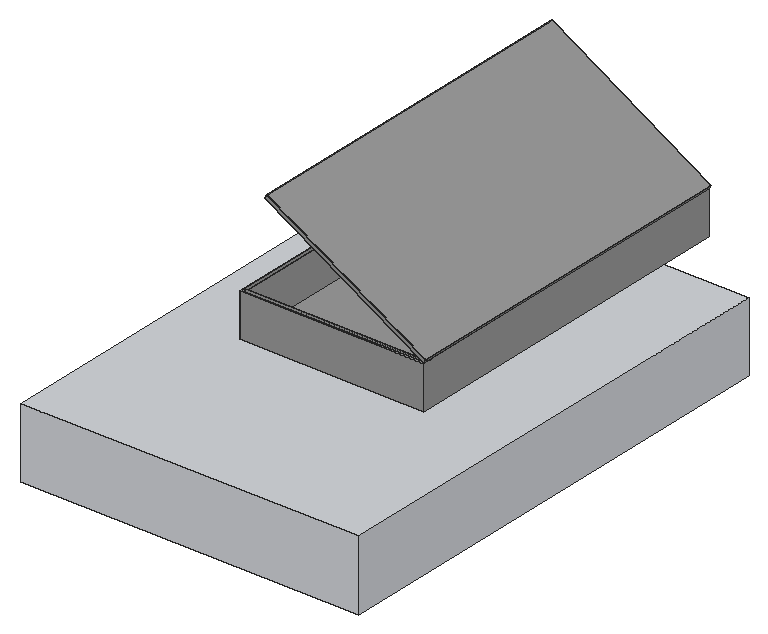
Revit family "Hager-Univers-IP44-D205-H1550-Cl.II-Encl-DE-de", category Equipement électrique, Revit 2020
Family settings
  Hôte = Face
  Configuration du panneau = Deux colonnes, circuits au sein
  Cote de connecteur circulaire = Utiliser le diamètre
  Type d'élément = Tableau de raccordement
  Couper avec des vides une fois chargée = Non
  Partagée = Non
  Point de calcul de pièce = Non
Parameters (values of type "Aufputz IP44 B800 H1550 T205  - FP03SN2")
  Width Control [instance] = if([EF000008 - Breite] > Min Width, [EF000008 - Breite], Min Width)  # 800 mm
  Commentaires du type = [HG000003 - Bereich]  # "Univers"
  Thickness Door [instance] = if([EF009171 - Materialstärke Tür/Deckel] > 3 mm, 3 mm, [EF009171 - Materialstärke Tür/Deckel])  # 1 mm
  Seal Frame Offset [instance] = 17 mm  # constant formula
  Plinth Visibility [instance] = [HG000027 - Sockelhöhe] > 0 mm  # no
  Model = ""
  Min Width [instance] = 100 mm  # constant formula
  Min Height [instance] = 100 mm  # constant formula
  Min Depth [instance] = (2 * [EF009170 - Materialstärke Gehäuse]) + 1 mm  # 3 mm
  Internal Frame Depth [instance] = (Door System Depth * 0.5)  # 9 mm
  Height Control [instance] = if([EF000040 - Höhe] > Min Height, [EF000040 - Höhe], Min Height)  # 1550 mm
  HG000027 - Sockelhöhe = 0 mm
  HG000026 - Stehend auf dem Boden = no
  HG000024 - Höhe des unteren Teils = 800 mm
  HG000023 - Gehäuse mit doppeltem Querschnitt = no
  HG000016 - 3D-Türsichtbarkeit [instance] = yes
  HG000015 - Sichtbarkeit der Türöffnung [instance] = no
  HG000014 - Tür rechts [instance] = yes
  HG000013 - Tür links [instance] = not([HG000014 - Tür rechts])  # no
  HG000012 - Türschwenkwinkel [instance] = 30.00°
  HG000010 - Asymmetrische Türen = no
  HG000009 - Doppelflügeligen Tür = no
  HG000006 - Unterputz = no
  HG000004 - Herstellerreferenz = "FP03SN2"
  HG000003 - Bereich = "Univers"
  HG000002 - Mit tür = yes
  Frame Offset Bottom [instance] = 10 mm  # constant formula
  Frame Offset [instance] = 15 mm  # constant formula
  EF015940 - Deckel mit Überdruckentlastung = no
  EF011959 - Schutzart (NEMA) = ""
  EF009554 - Anzahl der Öffnungen für Flanschplatten = 6
  Fabricant = "Hager"  # constant formula
  EF009212 - Ausführung Deckel = "EV000116 - geschlossen"
  EF009171 - Materialstärke Tür/Deckel = 1 mm
  EF009170 - Materialstärke Gehäuse = 1 mm
  EF008873 - Nennstrom (In) = 250 A
  EF007800 - Geeignet für Blitzschutz = no
  EF006306 - Mit Schloss = no
  EF006244 - Transparenter Deckel/Tür = no
  EF005474 - Schutzart (IP) = "EV006418 - IP44"
  EF004464 - Art der Tür = "EV002646 - Einzel"
  EF004427 - Anzahl der Module = 360
  EF004293 - Schlagfestigkeit = "EV006815 - IK09"
  EF003532 - Geeignet für Außengebrauch = no
  EF002950 - Breite in Teilungseinheiten = 36
  EF001613 - Funktionserhalt = "EV000494 - ohne"
  EF001596 - Werkstoff des Gehäuses = "EV000179 - Stahl"
  EF001131 - Innentiefe = 143 mm
  EF001088 - Anbaumöglichkeit = yes
  EF000437 - Anzahl der Leitungseinführungen = 6
  EF000339 - Art der Abdeckung = "EV001012 - Deckel"
  EF000266 - Anzahl der Reihen = 10
  EF000218 - Einbautiefe = 205 mm
  EF000118 - Mit Montageplatte = no
  EF000116 - RAL-Nummer = "9010"
  EF000049 - Tiefe = 205 mm
  EF000040 - Höhe = 1550 mm
  EF000008 - Breite = 800 mm
  EF000007 - Farbe = "EV000202 - weiß"
  EF000003 - Montageart = "EV000384 - Aufputz"
  Door System Leaf Tolerance [instance] = 1.5 mm  # constant formula
  Door System Depth [instance] = 18 mm  # constant formula
  Door Height [instance] = Height Control - [HG000027 - Sockelhöhe]  # 1550 mm
  Depth Control [instance] = if([EF000049 - Tiefe] > Min Depth, [EF000049 - Tiefe], Min Depth)  # 205 mm
  Default Elevation = 0 mm
  Connector Offset [instance] = Height Control / 2  # 775 mm
  Bottom Top Plate Trim [instance] = 1.5 mm  # constant formula
  Plinth height Ctrl [instance] = if([HG000027 - Sockelhöhe] > 0 mm, [HG000027 - Sockelhöhe], 12 mm)  # 12 mm
Types (5, lengths in mm): name | Width Control | HG000009 - Doppelflügeligen Tür | HG000004 - Herstellerreferenz | EF009554 - Anzahl der Öffnungen für Flanschplatten | EF008873 - Nennstrom (In) | EF004464 - Art der Tür | EF004427 - Anzahl der Module | EF002950 - Breite in Teilungseinheiten | EF001131 - Innentiefe | EF000437 - Anzahl der Leitungseinführungen | EF000008 - Breite
  Aufputz IP44 B1050 H1550 T205  - FP04SN2 | 1050 | yes | "FP04SN2" | 8 | 400 A | "EV003602 - Doppel" | 480 | 48 | 143 | 8 | 1050
  Aufputz IP44 B1300 H1550 T205  - FP05SN2 | 1300 | yes | "FP05SN2" | 10 | 400 A | "EV003602 - Doppel" | 600 | 60 | 143 | 10 | 1300
  Aufputz IP44 B300 H1550 T205  - FP01SN2 | 300 | no | "FP01SN2" | 2 | 250 A | "EV002646 - Einzel" | 120 | 12 | 130 | 2 | 300
  Aufputz IP44 B550 H1550 T205  - FP02SN2 | 550 | no | "FP02SN2" | 4 | 250 A | "EV002646 - Einzel" | 240 | 24 | 143 | 4 | 550
  Aufputz IP44 B800 H1550 T205  - FP03SN2 | 800 | no | "FP03SN2" | 6 | 250 A | "EV002646 - Einzel" | 360 | 36 | 143 | 6 | 800
Reference planes
  plane 1 "Center (Front/Back)": y = 0
  plane 2: z = 0
  plane 3 "Center (Left/Right)": x = 0
  plane 4: z = 205
  plane 5: y = 1
  plane 6: y = 775
  plane 7: y = 0
  plane 8: y = 1550
  plane 9: z = 0
  plane 10: x = -385
  plane 11: x = 385
  plane 12: x = 384
  plane 13: x = -384
  plane 14: y = 1549
  plane 15: x = -383
  plane 16: x = -400
  plane 17: x = 383
  plane 18: x = 400
  plane 19: x = 399
  plane 20: x = -399
  plane 21: y = 11
  plane 22: y = 1550
  plane 23: y = 1534
  plane 24: z = 187
  plane 25: z = 1
  plane 26: z = 186
  plane 27: z = 204
Forms (mm)
  Extrusion 1, solid
    sketch origin (0, 0, 0) x (1, 0, 0) y (0, 1, 0)
      loop
        line (-702.964, 1305) -> (-702.964, -811.445) -> (766.763, -811.445) -> (766.763, 1305) -> (-702.964, 1305)
    from 0 to -304.8
  Extrusion 2, solid, material "Hager_Steel_RAL7035_Light_Grey", visible <- "Plinth Visibility", detail levels medium+fine
    sketch origin (0, 0, 0) x (1, 0, 0) y (0, 1, 0)
      loop
        line (-400, 0) -> (400, 0) -> (400, 12) -> (-400, 12) -> (-400, 0)
    from 0 to 187
  Extrusion 3, solid, material "Hager_Steel_RAL7035_Light_Grey", detail levels medium+fine
    sketch origin (0, 0, 0) x (1, 0, 0) y (0, 1, 0)
      loop
        line (-400, 0) -> (400, 0) -> (400, 1550) -> (-400, 1550) -> (-400, 0)
    from 0 to 187
  Extrusion 4, void
    sketch origin (0, 0, 0) x (1, 0, 0) y (0, 1, 0)
      loop
        line (-399, 1) -> (399, 1) -> (399, 1549) -> (-399, 1549) -> (-399, 1)
    from 1 to 186
  Extrusion 5, void
    sketch origin (-381.607, -4572, 187) x (0, -1, 0) y (-1, 0, 0)
      loop
        line (-4583, 2.393) -> (-6106, 2.393) -> (-6106, -765.607) -> (-4583, -765.607) -> (-4583, 2.393)
    from 0 to 1 <- "EF009170 - Materialstärke Gehäuse"
  Extrusion 6, solid, material "Hager_Steel_RAL7035_Light_Grey", detail levels fine
    sketch origin (0, 0, 187) x (1, 0, 0) y (0, 1, 0)
      loop
        line (-384, 1534) -> (-384, 11) -> (384, 11) -> (384, 1534) -> (-384, 1534)
      loop
        line (-385, 10) -> (385, 10) -> (385, 1535) -> (-385, 1535) -> (-385, 10)
    from 0 to 9 <- "Internal Frame Depth"
  Extrusion 7, solid, material "Hager_Steel_RAL7035_Light_Grey", detail levels coarse
    sketch origin (0, 0, 0) x (1, 0, 0) y (0, 1, 0)
      loop
        line (-400, 0) -> (400, 0) -> (400, 1550) -> (-400, 1550) -> (-400, 0)
    from 0 to 205
  Sweep 8, void
    path in 3D
      loop
        line (-400, 12, 0) -> (400, 12, 0) -> (400, 12, 187) -> (-400, 12, 187) -> (-400, 12, 0)
    profile origin (-400, 12, 93.5) x (-1, 0, 0) y (0, -1, 0)
      loop
        line (0, 0) -> (0, 1.5) -> (-1.5, 1.5)
        arc (-1.5, 1.5) -> (-1.061, 0.439) -> (0, 0) r 1.5
Cuts and joins
  Extrusion 4, Extrusion 5 cuts Extrusion 3
  Sweep 8 cuts Extrusion 2
Lines and regions (mm)
  Masking region 1
    outline origin (0, 0, 0) x (1, 0, 0) y (0, 0, 1)
      loop
        line (-400, 205) -> (-400, 0) -> (400, 0) -> (400, 205) -> (-400, 205)
  Masking region 2, detail levels medium+fine
    outline origin (0, 140, 0) x (0, 1, 0) y (0, 0, 1)
      loop
        line (-140, 0) -> (1410, 0) -> (1410, 187) -> (-140, 187) -> (-140, 0)
  Masking region 3, not visible, detail levels medium+fine
    outline origin (0, 297.922, 0) x (0, 1, 0) y (0, 0, 1)
      loop
        line (488.578, 0) -> (528.578, 0) -> (528.578, 194)
        arc (528.578, 194) -> (525.649, 201.071) -> (518.578, 204) r 10
        line (518.578, 204) -> (488.578, 204) -> (488.578, 0)
  Masking region 4, detail levels coarse
    outline origin (0, 0, 180) x (0, 1, 0) y (0, 0, 1)
      loop
        line (0, -180) -> (1550, -180) -> (1550, 25) -> (0, 25) -> (0, -180)
  Masking region 5, visible <- "Plinth Visibility", detail levels medium+fine
    outline origin (0, 52.24, 12.345) x (0, 0, -1) y (0, 1, 0)
      loop
        line (10.845, -40.24) -> (-173.155, -40.24)
        arc (-173.155, -40.24) -> (-173.594, -41.301) -> (-174.655, -41.74) r 1.5
        line (-174.655, -41.74) -> (-174.655, -52.24) -> (12.345, -52.24) -> (12.345, -41.74)
        arc (12.345, -41.74) -> (11.285, -41.301) -> (10.845, -40.24) r 1.5
  Masking region 6, detail levels medium+fine
    outline origin (-381.607, -4572, 187) x (-1, 0, 0) y (0, -1, 0)
      loop
        line (18.393, -6122) -> (18.393, -4572) -> (-781.607, -4572) -> (-781.607, -6122) -> (18.393, -6122)
  Masking region 7, visible <- "Plinth Visibility", detail levels medium+fine
    outline origin (-381.607, -4727, 187) x (-1, 0, 0) y (0, -1, 0)
      loop
        arc (16.893, -4739) -> (17.332, -4737.939) -> (18.393, -4737.5) r 1.5
        line (18.393, -4737.5) -> (18.393, -4727) -> (-781.607, -4727) -> (-781.607, -4737.5)
        arc (-781.607, -4737.5) -> (-780.546, -4737.939) -> (-780.107, -4739) r 1.5
        line (-780.107, -4739) -> (16.893, -4739)
  Masking region 8, detail levels coarse
    outline origin (-442.548, -4669.526, 187) x (-1, 0, 0) y (0, -1, 0)
      loop
        line (-42.548, -6219.526) -> (-42.548, -4669.526) -> (-842.548, -4669.526) -> (-842.548, -6219.526) -> (-42.548, -6219.526)
  sketch lines
    curve 1: line (-400, 12, 187) -> (-400, 12, 0)
    curve 2: line (400, 12, 187) -> (-400, 12, 187)
    curve 3: line (400, 12, 187) -> (400, 12, 0)
    curve 4: line (-400, 12, 0) -> (400, 12, 0)
Dimensions and locks
  "Depth Control": plane 4 to Extrusion 1
  "HG000027 - Sockelhöhe": plane 1 "Center (Front/Back)" to plane 7
  "EF009170 - Materialstärke Gehäuse": plane 5 to plane 7
  locked: connector elem to plane 3 "Center (Left/Right)"
  equal spacing: plane 8, plane 6, plane 7
  locked: connector elem to plane 6
  "EF009170 - Materialstärke Gehäuse": plane 8 to plane 14
  "EF009170 - Materialstärke Gehäuse": plane 10 to plane 13
  "EF009170 - Materialstärke Gehäuse": plane 12 to plane 11
  "Frame Offset": plane 20 to plane 13
  "Frame Offset": plane 12 to plane 19
  "EF009170 - Materialstärke Gehäuse": plane 16 to plane 20
  "EF009170 - Materialstärke Gehäuse": plane 19 to plane 18
  "Seal Frame Offset": plane 16 to plane 15
  "Seal Frame Offset": plane 17 to plane 18
  "Frame Offset Bottom": plane 21 to plane 5
  "Frame Offset": plane 14 to plane 23
  equal spacing: plane 16, plane 3 "Center (Left/Right)", plane 18
  "Width Control": plane 16 to plane 18
  "EF009170 - Materialstärke Gehäuse": plane 4 to plane 27
  "EF009170 - Materialstärke Gehäuse": plane 24 to plane 26
  "EF009170 - Materialstärke Gehäuse": plane 25 to level
  "Door System Depth": plane 4 to plane 24
  "Height Control": plane 1 "Center (Front/Back)" to Extrusion 7 sketch curve
  "Height Control": Masking region 4 sketch curve to plane 1 "Center (Front/Back)"
  "Height Control": plane 1 "Center (Front/Back)" to plane 22
  "Bottom Top Plate Trim": profile plane to Sweep 8 sketch curve
  "Bottom Top Plate Trim": Sweep 8 sketch curve to profile plane
  "Plinth height Ctrl": plane 1 "Center (Front/Back)" to Extrusion 2 sketch curve
  "Plinth height Ctrl": Masking region 5 sketch curve to plane 1 "Center (Front/Back)"
  "Plinth height Ctrl": plane 1 "Center (Front/Back)" to Masking region 7 sketch curve
  "Thickness Door": Extrusion 6 sketch curve to Extrusion 6 sketch curve  (x3)
  "Thickness Door": cut or joined group of Extrusion 3, Extrusion 4, Extrusion 5 to Extrusion 6 sketch curve
  radius of Masking region 3 sketch curve = 10 mm
  "Bottom Top Plate Trim": radius of Masking region 5 sketch curve  (x2)
  "Bottom Top Plate Trim": radius of Sweep 8 sketch curve
  "Bottom Top Plate Trim": radius of Masking region 7 sketch curve  (x2)
  aligned and locked: plane 2 to Extrusion 1
  aligned and locked: level to Extrusion 1
  aligned and locked: level to Masking region 1 sketch curve
  aligned and locked: Masking region 1 sketch curve to plane 18
  aligned and locked: Masking region 1 sketch curve to plane 16
  aligned and locked: plane 7 to Masking region 2 sketch curve
  aligned and locked: level to Masking region 3 sketch curve
  aligned and locked: Masking region 3 sketch curve to plane 27
  aligned and locked: level to Masking region 2 sketch curve
  aligned and locked: plane 1 "Center (Front/Back)" to Extrusion 2 sketch curve
  aligned and locked: Extrusion 3 sketch curve to plane 7
  aligned and locked: plane 16 to Extrusion 3 sketch curve
  aligned and locked: plane 18 to Extrusion 3 sketch curve
  aligned and locked: plane 20 to Extrusion 4 sketch curve
  aligned and locked: plane 19 to Extrusion 4 sketch curve
  aligned and locked: Extrusion 4 sketch curve to plane 5
  aligned and locked: Extrusion 4 to plane 25
  aligned and locked: plane 26 to Extrusion 4
  aligned and locked: plane 24 to Extrusion 3
  aligned and locked: Extrusion 5 sketch curve to plane 21
  aligned and locked: Extrusion 5 sketch curve to plane 13
  aligned and locked: Extrusion 5 sketch curve to plane 12
  aligned and locked: plane 18 to Extrusion 7 sketch curve
  aligned and locked: plane 1 "Center (Front/Back)" to Extrusion 7 sketch curve
  aligned and locked: plane 16 to Extrusion 7 sketch curve
  aligned and locked: plane 4 to Extrusion 7
  aligned and locked: Extrusion 7 to level
  aligned and locked: level to Masking region 4 sketch curve
  aligned and locked: Masking region 4 sketch curve to plane 1 "Center (Front/Back)"
  aligned and locked: Masking region 4 sketch curve to plane 4
  aligned and locked: nested 1 to level
  aligned and locked: nested 1 to plane 16
  aligned and locked: plane 8 to Extrusion 3 sketch curve
  aligned and locked: plane 23 to Extrusion 5 sketch curve
  aligned and locked: plane 14 to Extrusion 4 sketch curve
  aligned and locked: Masking region 2 sketch curve to plane 8
  aligned and locked: level to Masking region 5 sketch curve
  aligned and locked: plane 16 to Extrusion 2 sketch curve
  aligned and locked: plane 18 to Extrusion 2 sketch curve
  aligned and locked: Masking region 5 sketch curve to plane 24
  aligned and locked: Masking region 2 sketch curve to plane 24
  aligned and locked: plane 24 to Extrusion 2
  aligned and locked: profile plane to Sweep 8 sketch curve  (x2)
  aligned and locked: Masking region 6 sketch curve to plane 18
  aligned and locked: Masking region 6 sketch curve to plane 22
  aligned and locked: Masking region 6 sketch curve to plane 16
  aligned and locked: plane 8 to plane 22
  aligned and locked: Masking region 6 sketch curve to plane 7
  aligned and locked: Masking region 7 sketch curve to plane 16
  aligned and locked: Masking region 7 sketch curve to plane 1 "Center (Front/Back)"
  aligned and locked: Masking region 7 sketch curve to plane 18
  aligned and locked: Masking region 8 sketch curve to plane 1 "Center (Front/Back)"
  aligned and locked: Masking region 8 sketch curve to plane 18
  aligned and locked: Masking region 8 sketch curve to plane 22
  aligned and locked: Masking region 8 sketch curve to plane 16
  aligned and locked: nested 2 to plane 7
  aligned and locked: plane 3 "Center (Left/Right)" to nested 2
  aligned and locked: nested 2 to plane 24
  aligned and locked: Extrusion 6 sketch curve to cut or joined group of Extrusion 3, Extrusion 4, Extrusion 5  (x4)
Automatic sketch dimensions
  Extrusion 1 sketch curve to Extrusion 1 sketch curve = 1469.727 mm
  Extrusion 1 sketch curve to Extrusion 1 sketch curve = 2116.445 mm
  Masking region 1 sketch curve to plane 4 = 0 mm
  plane 6 to Masking region 3 sketch curve = 11.5 mm
  Masking region 3 sketch curve to Masking region 3 sketch curve = 30 mm
  Masking region 5 sketch curve to plane 1 "Center (Front/Back)" = 0 mm
Nested families
  nested 1: "Hager_Enclosure_Symbol" at (-400, 0, 0) x (1, 0, 0) z (0, -1, 0), Height <- "Depth Control", Width <- "Width Control", type "Hager_Enclosure_Symbol"
    with Width_Ctrl 800 mm, Width 800 mm, Height_Ctrl 205 mm, Height 205 mm, A_Width_Int 13.453 mm, A_Width 161.438 mm, A_Height_Ctrl 179.375 mm, A_Height 179.375 mm
  nested 2: "EC000058_Univers_Door" at (0, 0, 187) x (1, 0, 0) z (0, 1, 0), Leaf_Tolerance <- "Door System Leaf Tolerance", Angle <- "HG000012 - Türschwenkwinkel", Door_Depth <- "Door System Depth", Door_Left <- "HG000013 - Tür links", Transparent <- "EF006244 - Transparenter Deckel/Tür", Assymetrical <- "HG000010 - Asymmetrische Türen", Width <- "Width Control", Clearance <- "HG000015 - Sichtbarkeit der Türöffnung", Double <- "HG000009 - Doppelflügeligen Tür", 3d_Door <- "HG000016 - 3D-Türsichtbarkeit", Lock_Visibility <- "EF006306 - Mit Schloss", Width_Ctrl <- "Width Control", Door_Right <- "HG000014 - Tür rechts", Door <- "HG000002 - Mit tür", Height <- "Door Height", Thickness <- "Thickness Door", type "EC000058_Univers_Door", detail levels medium+fine
    with min_wh 3 mm, Width_Ctrl 800 mm, Width 800 mm, Transparent no, Thickness 1 mm, Seal_Material Hager_Rubber, Lock_Visibility no, Lock_Material Hager_Plastic_RAL9005_Jet_Black, Leaf_Width 800 mm, Leaf_Tolerance_External_Sides 0 mm, Leaf_Tolerance 1.5 mm, Leaf_Offset 0 mm, Leaf_Height 1547 mm, Leaf_2_Width 800 mm, Leaf_2_Offset 400 mm, Leaf_1_Width 800 mm, Leaf_1_Offset 400 mm, Height_Ctrl 1550 mm, Height 1550 mm, Glass_Material Hager_Glass, Double_Clearance_Ctrl no, Double no, Door_Right_Ctrl yes, Door_Right yes, Door_Material Hager_Steel_RAL7035_Light_Grey, Door_Left_Ctrl no, Door_Left no, Door_Depth 18 mm, Door yes, Clearance_Material Hager_Clearance, Clearance_Depth 800 mm, Clearance_Ctrl no, Clearance no, Assymetrical no, Angle 30.00°, 3d_Door yes
Connectors
  electrical at (0, 775, 0)
    settings: on plane 9, index 1, voltage 0 V, apparent load 0 VA, apparent load phase1 0 VA, apparent load phase2 0 VA, apparent load phase3 0 VA, power factor 1, load classification "Other", number of poles 1, system type 30, power factor state 1, is connector primary yes, connector utility no, sub classification motor no, connector description ""
Definition of nested family "EC000058_Univers_Door"
  Parameters (values of type "EC000058_Univers_Door")
    min_wh [instance] = (2 * Thickness) + 1 mm  # 11 mm
    Width_Ctrl [instance] = 400 mm
    Width [instance] = 500 mm
    Transparent [instance] = yes
    Thickness [instance] = 5 mm
    Seal_Material [instance] = none
    Lock_Visibility [instance] = yes
    Lock_Material [instance] = none
    Leaf_Width [instance] = if((Width_Ctrl - 2 * Leaf_Tolerance_External_Sides) > 0 mm, (Width_Ctrl - 2 * Leaf_Tolerance_External_Sides), min_wh)  # 400 mm
    Leaf_Tolerance_External_Sides [instance] = 0 mm  # constant formula
    Leaf_Tolerance [instance] = 1.5 mm
    Leaf_Offset [instance] = 0 mm  # constant formula
    Leaf_Height [instance] = if((Height_Ctrl - 2 * Leaf_Tolerance) > 0 mm, (Height_Ctrl - 2 * Leaf_Tolerance), min_wh)  # 497 mm
    Leaf_2_Width [instance] = if(and(and(Double, Assymetrical), Door_Left), (Leaf_Width / 3) - (Leaf_Tolerance / 2), if(and(and(Double, Assymetrical), Door_Right), (Leaf_Width / 3) * 2 - (Leaf_Tolerance / 2), if(and(Double, not(Assymetrical)), (Leaf_Width / 2) - Leaf_Tolerance, Leaf_Width)))  # 400 mm
    Leaf_2_Offset [instance] = if(and(Double, Assymetrical), Leaf_2_Width / 2, if(and(Double, not(Assymetrical)), Leaf_Width / 4, Leaf_Width / 2))  # 200 mm
    Leaf_1_Width [instance] = if(and(and(Double, Assymetrical), Door_Right), (Leaf_Width / 3) - (Leaf_Tolerance / 2), if(and(and(Double, Assymetrical), Door_Left), (Width / 3) * 2 - (Leaf_Tolerance / 2), if(and(Double, not(Assymetrical)), (Leaf_Width / 2) - Leaf_Tolerance, Leaf_Width)))  # 400 mm
    Leaf_1_Offset [instance] = if(and(Double, Assymetrical), Leaf_1_Width / 2, if(and(Double, not(Assymetrical)), Leaf_Width / 4, Leaf_Width / 2))  # 200 mm
    Height_Ctrl [instance] = if(Height > min_wh, Height, min_wh)  # 500 mm
    Height [instance] = 500 mm
    Glass_Material [instance] = none
    Double_Clearance_Ctrl [instance] = and(Double, Clearance)  # no
    Double [instance] = no
    Door_Right_Ctrl [instance] = and(or(Door_Right, Double), Door)  # yes
    Door_Right [instance] = yes
    Door_Material [instance] = none
    Door_Left_Ctrl [instance] = and(or(Door_Left, Double), Door)  # no
    Door_Left [instance] = no
    Door_Depth [instance] = 30 mm
    Door [instance] = yes
    Default Elevation = 1219.2 mm
    Clearance_Material [instance] = none
    Clearance_Depth [instance] = if(Leaf_1_Width > Leaf_2_Width, Leaf_1_Width, Leaf_2_Width)  # 400 mm
    Clearance_Ctrl [instance] = and(not(Double), Clearance)  # yes
    Clearance [instance] = yes
    Assymetrical [instance] = yes
    Angle [instance] = 30.00°
    3d_Door [instance] = yes
  Reference planes
    plane 1 "Center (Front/Back)": y = 0
    plane 2 "Bottom": z = 0
    plane 3 "Center (Left/Right)": x = 0
    plane 4: z = 500
    plane 5: x = -200
    plane 6: x = 200
    plane 7: z = 500
    plane 8: x = -200
    plane 9: z = 0
    plane 10: x = 200
    plane 11: y = 0
    plane 12: z = 1.5
    plane 13: x = -600
    plane 14: y = -400
    plane 15: x = 600
    plane 16: x = 0
    plane 17: x = 0
    plane 18: x = -200
    plane 19: x = 200
    plane 20: z = 498.5
  Forms (mm)
    Extrusion 1, solid, material <- "Clearance_Material", visible <- "Double_Clearance_Ctrl"
      sketch origin (1200, 0, 0) x (1, 0, 0) y (0, 0, -1)
        loop
          line (-1800, -498.5) -> (-600, -498.5) -> (-600, 0) -> (-1800, 0) -> (-1800, -498.5)
      from 0 to -400
  Dimensions and locks
    equal spacing: plane 5, plane 3 "Center (Left/Right)", plane 6
    "Width_Ctrl": plane 5 to plane 6
    "Leaf_Offset": plane 5 to plane 8
    "Leaf_Offset": plane 6 to plane 10
    "Leaf_Offset": plane 9 to level
    "Leaf_Offset": plane 4 to plane 7
    "Height_Ctrl": plane 4 to level
    "Leaf_Tolerance": plane 12 to plane 9
    locked: plane 11 to plane 1 "Center (Front/Back)"
    "Leaf_1_Offset": plane 18 to plane 16
    "Leaf_2_Offset": plane 17 to plane 19
    "Leaf_1_Width": plane 13 to plane 8
    "Leaf_2_Width": plane 10 to plane 15
    "Clearance_Depth": plane 14 to plane 1 "Center (Front/Back)"
    "Leaf_Tolerance_External_Sides": plane 8 to plane 18
    "Leaf_Tolerance_External_Sides": plane 19 to plane 10
    "Leaf_Tolerance": plane 7 to plane 20
    aligned and locked: level to plane 2 "Bottom"
    aligned and locked: nested 1 to plane 16
    aligned and locked: nested 2 to plane 17
    aligned and locked: Extrusion 1 to plane 13
    aligned and locked: plane 15 to Extrusion 1
    aligned and locked: Extrusion 1 to plane 14
    aligned and locked: plane 12 to nested 1
    aligned and locked: nested 2 to plane 12
    aligned and locked: Extrusion 1 to plane 11
    aligned and locked: plane 20 to Extrusion 1
    aligned and locked: nested 2 to plane 11
    aligned and locked: nested 1 to plane 11
  Automatic sketch dimensions
    Extrusion 1 sketch curve to level = 0 mm
    plane 5 to Extrusion 1 sketch curve = 400 mm
    plane 6 to Extrusion 1 sketch curve = 400 mm
    Extrusion 1 sketch curve to plane 4 = 1.5 mm
  Nested families
    nested 1: "EC000058_Univers_Door_Leaf" at (0, 0, 1.5), Width <- "Leaf_1_Width", visible <- "Door_Left_Ctrl", Leaf_Height <- "Leaf_Height", Angle <- "Angle", 3d_Door <- "3d_Door", Transparent <- "Transparent", Clearance Material <- "Clearance_Material", Clearance <- "Clearance_Ctrl", Door_Material <- "Door_Material", Glass_Material <- "Glass_Material", Door_Depth <- "Door_Depth", Lock_Material <- "Lock_Material", Seal_Material <- "Seal_Material", Lock_Visibility <- "Lock_Visibility", Thickness <- "Thickness", type "EC000058_Univers_Door_Leaf"
      with Width 400 mm, Transparent_Glass_Offset 30 mm, Transparent_Ctrl yes, Transparent yes, Thickness 5 mm, Standard no, Seal_Material none, Seal_D2 8 mm, Seal_D1 1 mm, Offset_Internal_Frame 10 mm, Lock_Width 20 mm, Lock_Visibility_3d yes, Lock_Visibility yes, Lock_Thickness_3 3 mm, Lock_Thickness_2 1 mm, Lock_Thickness_1 3 mm, Lock_Radius_Offset_2 16 mm, Lock_Radius_Offset_1 15 mm, Lock_Radius_2 5 mm, Lock_Radius 6 mm, Lock_Offset 5 mm, Lock_Material none, Lock_Height 80 mm, Lock_Cover_Top_Offset_2d 17 mm, Lock_Cover_Height -65 mm, Leaf_Height 497 mm, Internal_Seal_Thickness 8 mm, Internal_Seal_Depth_2 4.5 mm, Internal_Frame_Depth 25 mm, Glass_Thickness -1 mm, Glass_Offset -2 mm, Glass_Material none, Door_Material none, Door_Depth 30 mm, Clearance Material none, Clearance yes, Angle_Ctrl 30.00°, Angle 30.00°, 3d_Door yes
    nested 2: "EC000058_Univers_Door_Leaf" at (0, 0, 1.5) x (-1, 0, 0) z (0, 0, 1), Width <- "Leaf_2_Width", visible <- "Door_Right_Ctrl", Leaf_Height <- "Leaf_Height", Angle <- "Angle", 3d_Door <- "3d_Door", Transparent <- "Transparent", Clearance Material <- "Clearance_Material", Clearance <- "Clearance_Ctrl", Door_Material <- "Door_Material", Glass_Material <- "Glass_Material", Door_Depth <- "Door_Depth", Lock_Material <- "Lock_Material", Seal_Material <- "Seal_Material", Lock_Visibility <- "Lock_Visibility", Thickness <- "Thickness", type "EC000058_Univers_Door_Leaf"
      with Width 400 mm, Transparent_Glass_Offset 30 mm, Transparent_Ctrl yes, Transparent yes, Thickness 5 mm, Standard no, Seal_Material none, Seal_D2 8 mm, Seal_D1 1 mm, Offset_Internal_Frame 10 mm, Lock_Width 20 mm, Lock_Visibility_3d yes, Lock_Visibility yes, Lock_Thickness_3 3 mm, Lock_Thickness_2 1 mm, Lock_Thickness_1 3 mm, Lock_Radius_Offset_2 16 mm, Lock_Radius_Offset_1 15 mm, Lock_Radius_2 5 mm, Lock_Radius 6 mm, Lock_Offset 5 mm, Lock_Material none, Lock_Height 80 mm, Lock_Cover_Top_Offset_2d 17 mm, Lock_Cover_Height -65 mm, Leaf_Height 497 mm, Internal_Seal_Thickness 8 mm, Internal_Seal_Depth_2 4.5 mm, Internal_Frame_Depth 25 mm, Glass_Thickness -1 mm, Glass_Offset -2 mm, Glass_Material none, Door_Material none, Door_Depth 30 mm, Clearance Material none, Clearance yes, Angle_Ctrl 30.00°, Angle 30.00°, 3d_Door yes
  Definition of nested family "EC000058_Univers_Door_Leaf"
    Parameters (values of type "EC000058_Univers_Door_Leaf")
      Width [instance] = 2000 mm
      Transparent_Glass_Offset [instance] = 30 mm
      Transparent_Ctrl [instance] = and(Transparent, [3d_Door])  # yes
      Transparent [instance] = yes
      Thickness [instance] = 5 mm
      Standard [instance] = and(not(Transparent), [3d_Door])  # no
      Seal_Material [instance] = none
      Seal_D2 [instance] = 8 mm  # constant formula
      Seal_D1 [instance] = 1 mm  # constant formula
      Offset_Internal_Frame [instance] = 10 mm  # constant formula
      Lock_Width [instance] = 20 mm  # constant formula
      Lock_Visibility_3d [instance] = and(Lock_Visibility, [3d_Door])  # yes
      Lock_Visibility [instance] = yes
      Lock_Thickness_3 [instance] = 3 mm  # constant formula
      Lock_Thickness_2 [instance] = 1 mm  # constant formula
      Lock_Thickness_1 [instance] = 3 mm  # constant formula
      Lock_Radius_Offset_2 [instance] = Lock_Radius_Offset_1 + 1 mm  # 16 mm
      Lock_Radius_Offset_1 [instance] = 15 mm  # constant formula
      Lock_Radius_2 [instance] = Lock_Radius - 1 mm  # 5 mm
      Lock_Radius [instance] = 6 mm  # constant formula
      Lock_Offset [instance] = 5 mm  # constant formula
      Lock_Material [instance] = none
      Lock_Height [instance] = 80 mm  # constant formula
      Lock_Cover_Top_Offset_2d [instance] = Lock_Radius_Offset_2 + 1 mm  # 17 mm
      Lock_Cover_Height [instance] = -(Lock_Height - Lock_Radius_Offset_1)  # -65 mm
      Leaf_Height [instance] = 2720.336 mm
      Internal_Seal_Thickness [instance] = 8 mm  # constant formula
      Internal_Seal_Depth_2 [instance] = 4.5 mm  # constant formula
      Internal_Frame_Depth [instance] = if(Door_Depth - Thickness > 5 mm, Door_Depth - Thickness, 5 mm)  # 25 mm
      Glass_Thickness [instance] = if(Thickness > 15 mm, Glass_Offset + 10 mm, -1 mm)  # -1 mm
      Glass_Offset [instance] = if(Thickness > 15 mm, -(Thickness + 10 mm) / 2, -2 mm)  # -2 mm
      Glass_Material [instance] = none
      Door_Material [instance] = none
      Door_Depth [instance] = 30 mm
      Default Elevation = 0 mm
      Clearance Material [instance] = none
      Clearance [instance] = yes
      Angle_Ctrl [instance] = if(Angle > 180.00°, 180.00°, Angle)  # 90.00°
      Angle [instance] = 90.00°
      3d_Door [instance] = yes
    Reference planes
      plane 1 "Center (Front/Back)": y = 0
      plane 2: z = 0
      plane 3 "Center (Left/Right)": x = 0
      plane 4: y = 2000
      plane 5: x = -1000
      plane 6: x = 1000
      plane 7: x = -3000
      plane 8: z = 2720.336
      plane 9: z = 30
      plane 10: z = 2690.336
      plane 11: x = 970
      plane 12: x = -970
      plane 13: y = -3
      plane 14: z = 107.833
      plane 15: y = -5
      plane 16: y = -223.314
      plane 17: x = -1000
      plane 18: z = 1360.168
      plane 19: y = 30
    Forms (mm)
      Extrusion 1, solid, material <- "Clearance Material", visible <- "Clearance"
        sketch origin (0, 0, 0) x (1, 0, 0) y (0, 0, 1)
          loop
            line (-3000, 2720.336) -> (-3000, 0) -> (1000, 0) -> (1000, 2720.336) -> (-3000, 2720.336)
        from 0 to -2000
      Extrusion 2, solid, material <- "Door_Material", visible <- "Standard", detail levels medium+fine
        sketch origin (-1000, 0, 0) x (0, 1, 0) y (-1, 0, 0)
          loop
            line (0, 30) -> (0, 25) -> (2000, 25) -> (2000, 30) -> (0, 30)
        from 0 to 2720.336 <- "Leaf_Height"
      Extrusion 3, solid, material <- "Door_Material", visible <- "Transparent_Ctrl", detail levels medium+fine
        sketch origin (-1000, 0, 0) x (0, 1, 0) y (-1, 0, 0)
          loop
            line (0, 25) -> (2000, 25) -> (2000, 30) -> (0, 30) -> (0, 25)
        from 0 to 2720.336 <- "Leaf_Height"
      Extrusion 4, void
        sketch origin (-1025, 2000, 0) x (0, 1, 0) y (0, 0, -1)
          loop
            line (-30, -2690.336) -> (-30, -30) -> (-1970, -30) -> (-1970, -2690.336) -> (-30, -2690.336)
        from 0 to 5 <- "Thickness"
      Sweep 5, solid, material <- "Seal_Material", visible <- "Transparent_Ctrl", detail levels fine
        path in 3D
          loop
            line (-1025, 30, 30) -> (-1025, 30, 2690.336) -> (-1025, 1970, 2690.336) -> (-1025, 1970, 30) -> (-1025, 30, 30)
        profile origin (-1025, 1000, 30) x (1, 0, 0) y (0, 0, 1)
          loop
            line (0, 0) -> (0, -8) -> (1, -8) -> (1, 0) -> (0, 0)
      Extrusion 6, solid, material <- "Glass_Material", visible <- "Transparent_Ctrl", detail levels medium+fine
        sketch origin (-1030, 0, 0) x (0, 1, 0) y (0, 0, -1)
          loop
            line (1970, -2690.336) -> (1970, -30) -> (30, -30) -> (30, -2690.336) -> (1970, -2690.336)
        from -2 <- "Glass_Offset" to -1 <- "Glass_Thickness"
      Extrusion 7, solid, material <- "Door_Material", visible <- "3d_Door", detail levels medium+fine
        sketch origin (-1025, 2000, 0) x (0, -1, 0) y (0, 0, -1)
          loop
            line (0, -2720.336) -> (2000, -2720.336) -> (2000, 0) -> (0, 0) -> (0, -2720.336)
          loop
            line (1995, -5) -> (5, -5) -> (5, -2715.336) -> (1995, -2715.336) -> (1995, -5)
        from 0 to 25 <- "Internal_Frame_Depth"
      Sweep 8, solid, material <- "Seal_Material", visible <- "Transparent_Ctrl", detail levels fine
        path in 3D
          loop
            line (-1025, 0, 0) -> (-1025, 2000, 0) -> (-1025, 2000, 2720.336) -> (-1025, 0, 2720.336) -> (-1025, 0, 0)
        profile origin (-1025, 0, 1360.168) x (1, 0, 0) y (0, 1, 0)
          loop
            line (0, 10) -> (2.975, 10)
            arc (2.975, 10) -> (4.053, 10.447) -> (4.5, 11.525) r 1.525
            line (4.5, 11.525) -> (4.5, 16.527)
            arc (4.5, 16.527) -> (4.069, 17.569) -> (3.027, 18) r 1.473
            line (3.027, 18) -> (0, 18) -> (0, 10)
      Extrusion 9, solid, material <- "Lock_Material", visible <- "Lock_Visibility_3d", detail levels fine
        sketch origin (-1030, 0, 0) x (0, 1, 0) y (0, 0, -1)
          loop
            arc (1993.5, -1400.168) -> (1994.561, -1399.729) -> (1995, -1398.668) r 1.5
            line (1995, -1398.668) -> (1995, -1320.168) -> (1975, -1320.168) -> (1975, -1398.668)
            arc (1975, -1398.668) -> (1975.439, -1399.729) -> (1976.5, -1400.168) r 1.5
            line (1976.5, -1400.168) -> (1993.5, -1400.168)
        from 3 <- "Lock_Thickness_1" to 0
      Blend 10, solid, material <- "Lock_Material", visible <- "Lock_Visibility_3d", detail levels fine
        base sketch origin (-1033, 0, 0) x (0, 1, 0) y (0, 0, -1)
          loop
            line (1975, -1320.168) -> (1975, -1398.668)
            arc (1975, -1398.668) -> (1975.439, -1399.729) -> (1976.5, -1400.168) r 1.5
            line (1976.5, -1400.168) -> (1993.5, -1400.168)
            arc (1993.5, -1400.168) -> (1994.561, -1399.729) -> (1995, -1398.668) r 1.5
            line (1995, -1398.668) -> (1995, -1320.168) -> (1975, -1320.168)
        top sketch origin (-1033, 0, 0) x (0, 1, 0) y (0, 0, -1)
          loop
            line (1976, -1320.168) -> (1976, -1398.668)
            arc (1976, -1398.668) -> (1976.146, -1399.022) -> (1976.5, -1399.168) r 0.5
            line (1976.5, -1399.168) -> (1993.5, -1399.168)
            arc (1993.5, -1399.168) -> (1993.854, -1399.022) -> (1994, -1398.668) r 0.5
            line (1994, -1398.668) -> (1994, -1320.168) -> (1976, -1320.168)
        from 0 to 1 <- "Lock_Thickness_2"
      Blend 11, solid, material <- "Lock_Material", visible <- "Lock_Visibility_3d", detail levels fine
        base sketch origin (-1034, 0, 0) x (0, 1, 0) y (0, 0, -1)
          loop
            line (1978, -1320.168) -> (1978, -1384.168)
            arc (1978, -1384.168) -> (1985, -1391.168) -> (1992, -1384.168) r 7
            line (1992, -1384.168) -> (1992, -1320.168) -> (1978, -1320.168)
        top sketch origin (-1034, 0, 0) x (0, 1, 0) y (0, 0, -1)
          loop
            line (1991, -1320.168) -> (1979, -1320.168) -> (1979, -1383.168)
            arc (1979, -1383.168) -> (1985, -1389.168) -> (1991, -1383.168) r 6
            line (1991, -1383.168) -> (1991, -1320.168)
        from 0 to 3 <- "Lock_Thickness_3"
      Extrusion 12, solid, material <- "Lock_Material", visible <- "Lock_Visibility_3d", detail levels fine
        sketch origin (-1030, 1975, 1320.168) x (1, 0, 0) y (0, -1, 0)
          loop
            line (-7, -19) -> (-7, -1) -> (0, -1) -> (0, 0) -> (-8, 0) -> (-8, -20) -> (0, -20) -> (0, -19) -> (-7, -19)
        from 0 to -65 <- "Lock_Cover_Height"
      Extrusion 13, void
        sketch origin (-1038, 1995, 1320.168) x (-1, 0, 0) y (0, 0, -1)
          loop
            line (-5, -65) -> (0, -65) -> (-5, -60) -> (-5, -65)
        from 0 to 20 <- "Lock_Width"
      Extrusion 14, void
        sketch origin (-1038, 1975, 1320.168) x (0, -1, 0) y (0, 0, -1)
          loop
            circle (-10, -15.995) r 6
          loop
            circle (-10, -15.995) r 5
        from 0 to 2
      Extrusion 15, solid, material <- "Lock_Material", visible <- "Lock_Visibility_3d", detail levels medium
        sketch origin (-1030, 0, 0) x (0, 1, 0) y (0, 0, -1)
          loop
            arc (1993.5, -1400.168) -> (1994.561, -1399.729) -> (1995, -1398.668) r 1.5
            line (1995, -1398.668) -> (1995, -1320.168) -> (1975, -1320.168) -> (1975, -1398.668)
            arc (1975, -1398.668) -> (1975.439, -1399.729) -> (1976.5, -1400.168) r 1.5
            line (1976.5, -1400.168) -> (1993.5, -1400.168)
        from 8 to 0
    Cuts and joins
      Extrusion 4 cuts Extrusion 3
      Extrusion 13, Extrusion 14 cuts Extrusion 9
      Extrusion 14 cuts Blend 11
      Extrusion 13, Extrusion 14 cuts Extrusion 12
      joined: Extrusion 9, Blend 10, Blend 11, Extrusion 12
      Extrusion 14 cuts Extrusion 15
    Lines and regions (mm)
      Masking region 1, visible <- "Lock_Visibility", detail levels fine
        outline origin (0, 0, 0) x (0, 1, 0) y (0, 0, 1)
          loop
            line (30, 1320.168) -> (33, 1320.168) -> (33, 1400.168) -> (30, 1400.168) -> (30, 1320.168)
      Masking region 2, visible <- "Lock_Visibility", detail levels fine
        outline origin (0, 3.143, 0) x (0, 1, 0) y (0, 0, 1)
          loop
            line (29.857, 1354.168) -> (30.857, 1354.168) -> (30.857, 1366.168) -> (29.857, 1366.168) -> (29.857, 1354.168)
      Masking region 3, detail levels medium+fine
        outline origin (0, 0, 0) x (0, 1, 0) y (0, 0, 1)
          loop
            line (0, 0) -> (30, 0) -> (30, 2720.336) -> (0, 2720.336) -> (0, 0)
      Masking region 4, detail levels medium+fine
        outline origin (0, 0, 0) x (1, 0, 0) y (0, 0, 1)
          loop
            line (-1000, 2720.336) -> (-1000, 0) -> (1000, 0) -> (1000, 2720.336) -> (-1000, 2720.336)
      Masking region 5, visible <- "Lock_Visibility", detail levels fine
        outline origin (-47.116, 0, 0) x (1, 0, 0) y (0, 0, 1)
          loop
            arc (1024.616, 1399.168) -> (1023.556, 1398.729) -> (1023.116, 1397.668) r 1.5
            line (1023.116, 1397.668) -> (1023.116, 1320.168) -> (1041.116, 1320.168) -> (1041.116, 1397.668)
            arc (1041.116, 1397.668) -> (1040.677, 1398.729) -> (1039.616, 1399.168) r 1.5
            line (1039.616, 1399.168) -> (1024.616, 1399.168)
      Masking region 6, visible <- "Lock_Visibility", detail levels medium+fine
        outline origin (-25, 0, 0) x (1, 0, 0) y (0, 0, 1)
          loop
            arc (1001.5, 1400.168) -> (1000.439, 1399.729) -> (1000, 1398.668) r 1.5
            line (1000, 1398.668) -> (1000, 1320.168) -> (1020, 1320.168) -> (1020, 1398.668)
            arc (1020, 1398.668) -> (1019.561, 1399.729) -> (1018.5, 1400.168) r 1.5
            line (1018.5, 1400.168) -> (1001.5, 1400.168)
      Masking region 7, visible <- "Lock_Visibility", detail levels fine
        outline origin (-73.735, 0, 0) x (1, 0, 0) y (0, 0, 1)
          loop
            line (1051.735, 1382.168) -> (1065.735, 1382.168) -> (1065.735, 1384.168)
            arc (1065.735, 1384.168) -> (1058.735, 1391.168) -> (1051.735, 1384.168) r 7
            line (1051.735, 1384.168) -> (1051.735, 1382.168)
      Masking region 8, visible <- "Lock_Visibility", detail levels fine
        outline origin (-73.735, 0, 0) x (1, 0, 0) y (0, 0, 1)
          loop
            line (1052.735, 1382.168) -> (1064.735, 1382.168) -> (1064.735, 1383.168)
            arc (1064.735, 1383.168) -> (1058.735, 1389.168) -> (1052.735, 1383.168) r 6
            line (1052.735, 1383.168) -> (1052.735, 1382.168)
      Masking region 9, visible <- "Lock_Visibility", detail levels fine
        outline origin (-25, 0, 0) x (1, 0, 0) y (0, 0, 1)
          loop
            line (1020, 1320.168) -> (1020, 1382.168) -> (1000, 1382.168) -> (1000, 1320.168) -> (1020, 1320.168)
      Masking region 10, detail levels medium+fine
        outline origin (0, 0, 0) x (1, 0, 0) y (0, 0, 1)
          loop
            circle (985, 1335.144) r 6
      Masking region 11, detail levels fine
        outline origin (0, 0, 0) x (1, 0, 0) y (0, 0, 1)
          loop
            circle (985, 1335.144) r 5
      Masking region 12, visible <- "Lock_Visibility", detail levels fine
        outline origin (0, 12.767, 0) x (0, 1, 0) y (0, 0, 1)
          loop
            line (20.233, 1320.168) -> (21.233, 1320.168) -> (21.233, 1399.168) -> (20.233, 1400.168) -> (20.233, 1320.168)
      Masking region 13, visible <- "Lock_Visibility", detail levels fine
        outline origin (0, 13.767, -10) x (0, 1, 0) y (0, 0, 1)
          loop
            line (20.233, 1330.168) -> (23.233, 1330.168) -> (23.233, 1399.168) -> (20.233, 1402.168) -> (20.233, 1330.168)
      Masking region 14, visible <- "Lock_Visibility", detail levels fine
        outline origin (0, 12.767, -10) x (0, 1, 0) y (0, 0, 1)
          loop
            line (20.233, 1330.168) -> (25.233, 1330.168) -> (25.233, 1399.305) -> (20.233, 1394.305) -> (20.233, 1330.168)
      Masking region 15, visible <- "Lock_Visibility", detail levels medium
        outline origin (0, 0, 0) x (0, 1, 0) y (0, 0, 1)
          loop
            line (30, 1320.168) -> (38, 1320.168) -> (38, 1400.168) -> (30, 1400.168) -> (30, 1320.168)
      Masking region 16, visible <- "Lock_Visibility", detail levels fine
        outline origin (-1000, 0, 0) x (0, 1, 0) y (-1, 0, 0)
          loop
            line (1975, 30) -> (1995, 30) -> (1995, 38) -> (1975, 38) -> (1975, 30)
          loop
            line (1979, 37) -> (1976, 37) -> (1976, 34) -> (1978, 34) -> (1979, 37)
          loop
            line (1994, 37) -> (1991, 37) -> (1992, 34) -> (1994, 34) -> (1994, 37)
      Masking region 17, visible <- "Lock_Visibility", detail levels medium
        outline origin (-1000, 0, 0) x (0, 1, 0) y (-1, 0, 0)
          loop
            line (1975, 30) -> (1995, 30) -> (1995, 38) -> (1975, 38) -> (1975, 30)
      symbolic lines
        curve 1: line (1000, 0, 0) -> (-3000, 0, 0)
        curve 2: arc (1000, 0, 0) -> (-1000, 2000, 0) -> (-3000, 0, 0) r 2000
        curve 4: line (-1030, 0, 0) -> (-1030, 2000, 0)
      reference lines
        curve 3: line (-1000, 0, 0) -> (-1000, 2000, 0)
      symbolic lines, detail levels medium+fine
        curve 5: line (-1030, 2000, 0) -> (-1025, 2000, 0)
        curve 7: line (-1025, 0, 0) -> (-1030, 0, 0)
        curve 8: line (-1025, 0, 0) -> (-1000, 0, 0)
        curve 9: line (-1000, 0, 0) -> (-1000, 2000, 0)
        curve 10: line (-1000, 2000, 0) -> (-1025, 2000, 0)
      symbolic lines, detail levels fine
        curve 6: line (-1025, 2000, 0) -> (-1025, 0, 0)
      sketch lines
        curve 11: line (-1025, 0, 2720.336) -> (-1025, 0, 0)
        curve 12: line (-1025, 2000, 0) -> (-1025, 0, 0)
        curve 13: line (-1025, 2000, 2720.336) -> (-1025, 2000, 0)
        curve 14: line (-1025, 0, 2720.336) -> (-1025, 2000, 2720.336)
        curve 15: line (-1025, 1970, 30) -> (-1025, 30, 30)
        curve 16: line (-1025, 30, 30) -> (-1025, 30, 2690.336)
        curve 17: line (-1025, 1970, 2690.336) -> (-1025, 1970, 30)
        curve 18: line (-1025, 30, 2690.336) -> (-1025, 1970, 2690.336)
      symbolic lines, visible <- "Transparent", detail levels medium+fine
        curve 19: line (-970, 0, 2690.336) -> (970, 0, 2690.336)
        curve 20: line (-970, 0, 30) -> (-970, 0, 2690.336)
        curve 21: line (970, 0, 30) -> (-970, 0, 30)
        curve 22: line (970, 0, 2690.336) -> (970, 0, 30)
    Dimensions and locks
      "Width": plane 1 "Center (Front/Back)" to plane 4
      equal spacing: plane 5, plane 3 "Center (Left/Right)", plane 6
      "Width": plane 5 to plane 6
      "Width": plane 7 to plane 5
      "Leaf_Height": plane 8 to level
      "Width": curve 5 to curve 3
      "Width": curve 3 to curve 3
      plane 8 to plane 10 = 30 mm
      plane 9 to level = 30 mm
      plane 12 to plane 5 = 30 mm
      plane 6 to plane 11 = 30 mm
      Extrusion 1 to Extrusion 4 sketch curve = 30 mm
      "Transparent_Glass_Offset": curve 3 to Extrusion 4 sketch curve
      "Transparent_Glass_Offset": Extrusion 4 sketch curve to cut or joined group of Extrusion 3, Extrusion 4  (x2)
      cut or joined group of Extrusion 3, Extrusion 4 to Extrusion 6 sketch curve = 30 mm
      "Transparent_Glass_Offset": cut or joined group of Extrusion 3, Extrusion 4 to Extrusion 4 sketch curve
      "Thickness": curve 6 to curve 4
      "Thickness": Extrusion 7 sketch curve to Extrusion 7 sketch curve  (x4)
      "Door_Depth": curve 4 to curve 3
      "Offset_Internal_Frame": profile plane to Sweep 8 sketch curve
      "Internal_Seal_Thickness": Sweep 8 sketch curve to Sweep 8 sketch curve
      "Internal_Seal_Depth_2": profile plane to Sweep 8 sketch curve
      "Seal_D1": profile plane to Sweep 5 sketch curve
      "Seal_D2": profile plane to Sweep 5 sketch curve
      "Thickness": Extrusion 2 sketch curve to Extrusion 2 sketch curve
      equal spacing: Extrusion 9 sketch curve, plane 18, Extrusion 9 sketch curve  (x2)
      equal spacing: Masking region 1 sketch curve, plane 18, Masking region 1 sketch curve
      "Lock_Height": Masking region 1 sketch curve to Masking region 1 sketch curve
      "Lock_Radius": Masking region 2 sketch curve to plane 18 to Masking region 2 sketch curve
      Masking region 2 sketch curve to Masking region 1 = 1 mm
      "Door_Depth": plane 19 to plane 1 "Center (Front/Back)"
      "Lock_Thickness_1": Masking region 1 sketch curve to plane 19
      "Lock_Width": Extrusion 9 sketch curve to Extrusion 9 sketch curve
      "Lock_Height": Extrusion 9 sketch curve to Extrusion 9 sketch curve
      "Lock_Offset": cut or joined group of Extrusion 3, Extrusion 4 to Extrusion 9 sketch curve
      equal spacing: plane 8, plane 18, level
      "Lock_Radius_Offset_1": Blend 11 sketch curve to Blend 10
      locked: Blend 10 to Blend 11 sketch curve at 2  (x2)
      locked: var sketch to Blend 11 sketch curve at 1  (x2)
      "Lock_Radius_Offset_2": Blend 11 sketch curve to Blend 10
      locked: Extrusion 12 sketch curve to Extrusion 12 sketch curve at 1  (x3)
      Masking region 6 sketch curve to Masking region 6 sketch curve = 80 mm
      "Lock_Height": Masking region 6 sketch curve to Masking region 6 sketch curve
      "Lock_Width": Masking region 6 sketch curve to Masking region 6 sketch curve
      locked: Masking region 6 to Masking region 5 sketch curve at 1  (x3)
      locked: Masking region 5 to Masking region 7 sketch curve at 2  (x2)
      "Lock_Radius_Offset_1": Masking region 5 to Masking region 7 sketch curve
      "Lock_Radius_Offset_2": Masking region 5 to Masking region 8 sketch curve
      locked: Masking region 7 to Masking region 8 sketch curve at 1  (x2)
      "Lock_Cover_Top_Offset_2d": Masking region 5 to Masking region 9 sketch curve
      equal spacing: Masking region 9, Masking region 10 sketch curve, Masking region 9
      equal spacing: Masking region 9, Masking region 11 sketch curve, Masking region 9
      Extrusion 15 sketch curve to Extrusion 15 sketch curve = 80 mm
      "Lock_Width": Extrusion 15 sketch curve to Extrusion 15 sketch curve
      "Lock_Height": Extrusion 15 sketch curve to Extrusion 15 sketch curve
      equal spacing: Extrusion 15 sketch curve, plane 18, Extrusion 15 sketch curve
      "Lock_Thickness_3": Masking region 13 sketch curve to Masking region 13 sketch curve
      "Lock_Height": Masking region 12 sketch curve to Masking region 12 sketch curve
      locked: Masking region 13 sketch curve to Masking region 1 at 8
      locked: Masking region 14 sketch curve to Masking region 13 at 1
      locked: Masking region 14 sketch curve to Masking region 1 at 10.863
      "Lock_Height": Masking region 15 sketch curve to Masking region 15 sketch curve
      "Lock_Offset": Extrusion 15 sketch curve to cut or joined group of Extrusion 3, Extrusion 4
      "Lock_Offset": plane 6 to Masking region 6 sketch curve
      radius of Sweep 8 sketch curve = 1.525 mm
      radius of Sweep 8 sketch curve = 1.473 mm
      radius of Extrusion 9 sketch curve = 1.5 mm  (x2)
      "Lock_Radius": radius of Extrusion 14 sketch curve
      "Lock_Radius_2": radius of Extrusion 14 sketch curve
      "Lock_Radius": radius of Masking region 10 sketch curve
      "Lock_Radius_2": radius of Masking region 11 sketch curve
      radius of Extrusion 15 sketch curve = 1.5 mm  (x2)
      "Angle_Ctrl": angle plane 1 "Center (Front/Back)" to curve 3
      locked: Masking region 12 sketch curve to Masking region 12 sketch curve (angle 45.00°)
      locked: Masking region 13 sketch curve to Masking region 13 sketch curve (angle 45.00°)
      locked: Masking region 14 sketch curve to Masking region 14 sketch curve (angle 45.00°)
      aligned and locked: level to plane 2
      aligned and locked: Extrusion 1 to curve 1
      aligned and locked: plane 6 to Extrusion 1
      aligned and locked: Extrusion 1 to plane 1 "Center (Front/Back)"
      aligned and locked: plane 4 to Extrusion 1
      aligned and locked: plane 8 to Extrusion 1
      aligned and locked: curve 7 to Extrusion 2 sketch curve
      aligned and locked: curve 5 to Extrusion 2 sketch curve
      aligned and locked: curve 7 to Extrusion 3 sketch curve
      aligned and locked: Extrusion 3 sketch curve to curve 4
      aligned and locked: Extrusion 3 sketch curve to curve 6
      aligned and locked: Extrusion 3 sketch curve to curve 5
      aligned and locked: curve 9 to curve 3
      aligned and locked: Extrusion 7 sketch curve to cut or joined group of Extrusion 3, Extrusion 4  (x4)
      aligned and locked: plane 17 to curve 3
      aligned and locked: plane 1 "Center (Front/Back)" to curve 3
      aligned and locked: plane 17 to plane 5
      aligned and locked: Sweep 8 sketch curve to profile plane
      aligned and locked: Sweep 5 sketch curve to profile plane  (x2)
      aligned and locked: Masking region 1 to Masking region 2 sketch curve
      aligned and locked: plane 19 to Masking region 1 sketch curve
      aligned and locked: plane 1 "Center (Front/Back)" to Masking region 3 sketch curve
      aligned and locked: plane 19 to Masking region 3 sketch curve
      aligned and locked: level to Masking region 3 sketch curve
      aligned and locked: Masking region 3 sketch curve to plane 8
      aligned and locked: plane 17 to Masking region 4 sketch curve
      aligned and locked: level to Masking region 4 sketch curve
      aligned and locked: Masking region 4 sketch curve to plane 8
      aligned and locked: plane 12 to curve 20
      aligned and locked: plane 10 to curve 19
      aligned and locked: plane 11 to curve 22
      aligned and locked: curve 21 to plane 9
      aligned and locked: Extrusion 2 sketch curve to cut or joined group of Extrusion 3, Extrusion 4
      aligned and locked: Blend 10 sketch curve to Extrusion 9  (x4)
      aligned and locked: Extrusion 9 to Blend 10 sketch curve
      aligned and locked: Blend 10 to Blend 11 sketch curve
      aligned and locked: Extrusion 12 sketch curve to Blend 11
      aligned and locked: Extrusion 12 sketch curve to Extrusion 9  (x4)
      aligned and locked: Masking region 5 sketch curve to Masking region 6
      aligned and locked: Masking region 9 sketch curve to Masking region 6  (x3)
      aligned and locked: Masking region 12 sketch curve to Masking region 1
      aligned and locked: Masking region 13 sketch curve to Masking region 1
      aligned and locked: Masking region 12 to Masking region 14
      aligned and locked: Masking region 14 sketch curve to Masking region 1
      aligned and locked: Masking region 15 sketch curve to Masking region 14
      aligned and locked: Masking region 13 sketch curve to Masking region 12
      aligned and locked: Masking region 16 sketch curve to cut or joined group of Extrusion 14, Extrusion 15  (x4)
      aligned and locked: Masking region 16 sketch curve to cut or joined group of Extrusion 9, Blend 10, Blend 11, Extrusion 12, Extrusion 13, Extrusion 14  (x6)
      aligned and locked: cut or joined group of Extrusion 9, Blend 10, Blend 11, Extrusion 12, Extrusion 13, Extrusion 14 to Masking region 16 sketch curve
      aligned and locked: Masking region 17 sketch curve to cut or joined group of Extrusion 14, Extrusion 15  (x3)
      aligned and locked: Masking region 17 sketch curve to cut or joined group of Extrusion 9, Blend 10, Blend 11, Extrusion 12, Extrusion 13, Extrusion 14
      aligned and locked: Masking region 9 to Masking region 8 sketch curve
      aligned and locked: Masking region 9 to Masking region 7 sketch curve
    Automatic sketch dimensions
      plane 1 "Center (Front/Back)" to curve 2 = 0 mm
      curve 2 to plane 5 = 0 mm
      Extrusion 1 sketch curve to level = 0 mm
      Extrusion 1 sketch curve to plane 7 = 0 mm
      Extrusion 1 sketch curve to plane 6 = 0 mm
      Extrusion 1 sketch curve to plane 8 = 0 mm
      Extrusion 3 to Extrusion 6 sketch curve = 30 mm  (x4)
      Masking region 4 sketch curve to plane 6 = 0 mm
      Blend 10 sketch curve to Extrusion 9 = 1.5 mm
      Blend 10 sketch curve to Extrusion 9 = 1 mm
      Extrusion 13 sketch curve to Extrusion 12 = 0 mm  (x2)
      Extrusion 12 to Extrusion 13 sketch curve = 3 mm
      Extrusion 13 sketch curve to Extrusion 12 = 5 mm
      Extrusion 14 sketch curve to Extrusion 14 sketch curve = 0 mm  (x2)
      Extrusion 14 sketch curve to Extrusion 12 = 10 mm
      Extrusion 14 sketch curve to Extrusion 12 = 15.995 mm
      Masking region 5 sketch curve to Masking region 5 sketch curve = 1.5 mm  (x2)
      Masking region 10 sketch curve to plane 18 = 25.024 mm
      Masking region 11 sketch curve to plane 18 = 25.024 mm
      plane 19 to Masking region 14 sketch curve = 3 mm
      Masking region 16 sketch curve to Masking region 16 sketch curve = 3 mm
      curve 4 to curve 3 = 0 mm
      Blend 10 to Blend 11 sketch curve = 0 mm
      Masking region 6 sketch curve to Masking region 6 sketch curve = 1.5 mm  (x2)
      Masking region 6 sketch curve to plane 18 = 40 mm
      plane 19 to Masking region 12 sketch curve = 3 mm
      Masking region 12 sketch curve to Masking region 12 sketch curve = 1 mm
      Masking region 15 sketch curve to plane 19 = 0 mm
      Masking region 15 sketch curve to plane 18 = 40 mm
      radius of Blend 10 sketch curve to Extrusion 9 = 1 mm
Definition of nested family "Hager_Enclosure_Symbol"
  Parameters (values of type "Hager_Enclosure_Symbol")
    Width_Ctrl [instance] = if(Width > 1 mm, Width, 1 mm)  # 102.27 mm
    Width [instance] = 102.27 mm
    Height_Ctrl [instance] = if(Height > 1 mm, Height, 1 mm)  # 66.5 mm
    A_Width_Int [instance] = if(A_Width / 12 > 2 mm, A_Width / 12, 2 mm)  # 4.364 mm
    A_Width [instance] = if(A_Height_Ctrl * 0.9 > 2 mm, A_Height_Ctrl * 0.9, 2 mm)  # 52.369 mm
    A_Height_Ctrl [instance] = if(A_Height > 2 mm, A_Height, 2 mm)  # 58.188 mm
    Height [instance] = 66.5 mm
    A_Height [instance] = Height - (Height / 8)  # 58.188 mm
  Reference planes
    plane 1 "Centre (avant/arrière)": y = 0
    plane 2: z = 0
    plane 3 "Centre (gauche/droite)": x = 0
    plane 4: x = 52.369
    plane 5: y = 33.042
    plane 6: y = 41.77
    plane 7: y = 66.5
    plane 8: x = 26.184
    plane 9: y = 37.406
    plane 10: x = 102.27
    plane 11: y = 66.5
    plane 12: y = 8.313
  Lines and regions (mm)
    Filled region 1, type "Solid_Black", in view "Niveau de réf."
      outline origin (0, 0, 0) x (1, 0, 0) y (0, 1, 0)
        loop
          line (52.369, 66.5) -> (33.188, 54.536) -> (45.365, 45.006) -> (52.369, 66.5)
    Filled region 2, type "Solid_Black", in view "Niveau de réf."
      outline origin (0, 0, 0) x (1, 0, 0) y (0, 1, 0)
        loop
          line (0, 0) -> (102.27, 0) -> (102.27, 66.5) -> (0, 0)
    detail lines, in view "Niveau de réf."
      curve 1: line (0, 8.313, 0) -> (26.184, 41.77, 0)
      curve 2: line (26.184, 41.77, 0) -> (26.184, 33.042, 0)
      curve 3: line (26.184, 33.042, 0) -> (52.369, 66.5, 0)
  Dimensions and locks
    "A_Width": plane 3 "Centre (gauche/droite)" to plane 4
    equal spacing: plane 3 "Centre (gauche/droite)", plane 8, plane 4
    equal spacing: plane 6, plane 9, plane 5
    equal spacing: curve 3, Filled region 1 sketch curve, Filled region 1 sketch curve
    "Height_Ctrl": plane 1 "Centre (avant/arrière)" to plane 11
    "A_Height_Ctrl": plane 11 to plane 12
    equal spacing: plane 11, plane 9, plane 12
    "A_Width_Int": plane 6 to plane 9
    "Width_Ctrl": plane 3 "Centre (gauche/droite)" to plane 10
    angle Filled region 1 sketch curve to curve 3 = 20.00°
    angle curve 3 to Filled region 1 sketch curve = 20.00°
    locked: curve 3 to Filled region 1 sketch curve (angle 90.00°)
    aligned and locked: plane 10 to Filled region 2
    aligned and locked: plane 11 to Filled region 2 sketch curve
    aligned and locked: plane 10 to Filled region 2 sketch curve
    aligned and locked: plane 3 "Centre (gauche/droite)" to curve 1
    aligned and locked: plane 12 to curve 1
    aligned and locked: plane 7 to plane 11
  Automatic sketch dimensions
    Filled region 1 sketch curve to plane 4 = 0 mm
    Filled region 1 sketch curve to plane 7 = 0 mm
    plane 1 "Centre (avant/arrière)" to Filled region 2 sketch curve = 0 mm
    Filled region 2 sketch curve to plane 3 "Centre (gauche/droite)" = 0 mm
    curve 2 to plane 6 = 0 mm
    curve 2 to plane 8 = 0 mm
    curve 3 to plane 4 = 0 mm
    curve 2 to plane 5 = 0 mm
    curve 3 to plane 7 = 0 mm
